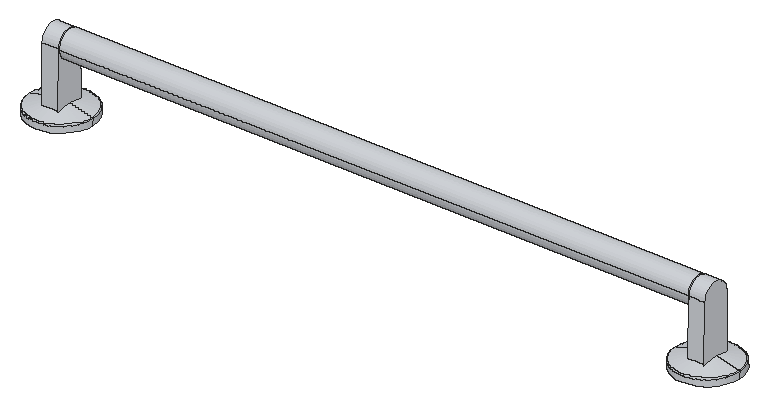
Revit family "Accessory-Towel_Bar-KOHLER-Components-K-78373", category Specialty Equipment, host Face, Revit 2015
Parameters (values of type "CP-Polished Chrome")
  Width = 2 3/8"  # constant formula
  URL = "https://www.us.kohler.com/us/"
  Type = 1
  Product Page URL = "http://www.us.kohler.com/us/catalog/productDetails.jsp?productNumber=78373"
  Product Name = "Components"  # constant formula
  Product Documentation Link = "http://www.us.kohler.com/onlinecatalog/pdf/K-78373_spec.pdf"
  Model = if(Type = 1, "K-78373-CP", if(Type = 2, "K-78373-BN", if(Type = 3, "K-78373-BL", if(Type = 4, "K-78373-TT", "NA"))))  # "K-78373-CP"
  Material = "Premium Metal Construction"  # constant formula
  MasterFormat 2004 = "10.28.13"  # constant formula
  MasterFormat 1995 = "10820"  # constant formula
  Manufacturer Address = "444 Highland Dr, Kohler, WI 53044"  # constant formula
  Manufacturer = "KOHLER Co."  # constant formula
  Length = 24"  # constant formula
  Height = 2 15/16"  # constant formula
  Finish = Kohler-Metal-CP-Polished_Chrome
  Environmental Product Declaration = ""
  Description = "24inch Towel Bar"  # constant formula
  Default Elevation = 42"
  Declare Label = ""
  Date Modified = "07/06/2018"  # constant formula
  Date Created = "07/06/2018"  # constant formula
  Copyright = "Copyright KOHLER Co."  # constant formula
  Contact Us = "https://www.us.kohler.com/us/static/contact.jsp"
  Assembly Code = "C1030200"
  ADA Compliant = 1 = 0  # no
Types (4): name | Type | Model | Finish
  (no name) | 1 | "K-78373-CP" | Kohler-Metal-CP-Polished_Chrome
  CP-Polished Chrome | 1 | "K-78373-CP" | Kohler-Metal-CP-Polished_Chrome
  BL-Matte Black | 3 | "K-78373-BL" | Kohler-Metal-BL-Matte_Black
  TT-Titanium | 4 | "K-78373-TT" | Kohler-Metal-TT-Vibrant_Titanium
Reference planes (in)
  plane 1 "Center (Front/Back)": y = 0
  plane 2: z = 0
  plane 3 "Center (Left/Right)": x = 0
  plane 4: x = -12
  plane 5: x = 12
  plane 6: y = 1.1875
  plane 7: y = -1.1875
  plane 8: z = 2.9375
Dimensions and locks (in)
  "Length": plane 4 to plane 5
  "Width": plane 6 to plane 7
  "Height": plane 8 to level
  aligned and locked: plane 2 to host face
  aligned and locked: level to host face
Automatic sketch dimensions
  host sketch curve to host sketch curve = 96"  (x2)
Nested families (in)
  nested 1: "K-78373" at (0, 0, 0), type "K-78373"
Definition of nested family "K-78373"
  Parameters (values of type "K-78373")
    Material = none
    Length = 24"
  Reference planes (in)
    plane 1 "Center (Front/Back)": y = 0
    plane 2: z = 0
    plane 3 "Center (Left/Right)": x = 0
    plane 4: x = -12
    plane 5: x = 12
    plane 6: y = 1.1875
    plane 7: z = 2.9375
    plane 8: y = -1.1875
  Forms (in)
    Revolve 1, solid, material <- "Material", detail levels medium+fine
      sketch origin (0, 0, 0) x (1, 0, 0) y (0, 0, 1)
        loop
          line (-13.1875, 0) -> (-12, 0) -> (-12, 0.54137) -> (-13.15723, 0.26168)
          arc (-13.15723, 0.26168) -> (-13.17902, 0.24769) -> (-13.1875, 0.22322) r 0.03957
          line (-13.1875, 0.22322) -> (-13.1875, 0)
        axis (-12, 0.54137) -> (-12, 0)
      angle from 0 to 360
    Revolve 2, solid, material <- "Material", detail levels medium+fine
      sketch origin (0, 0, 0) x (-1, 0, 0) y (0, 0, 1)
        loop
          line (-13.1875, 0) -> (-12, 0) -> (-12, 0.54137) -> (-13.15723, 0.26168)
          arc (-13.15723, 0.26168) -> (-13.17902, 0.24769) -> (-13.1875, 0.22322) r 0.03957
          line (-13.1875, 0.22322) -> (-13.1875, 0)
        axis (-12, 0.54137) -> (-12, 0)
      angle from 0 to 360
    Extrusion 3, solid, material <- "Material"
      sketch origin (0, 0, 0) x (0, 1, 0) y (0, 0, 1)
        loop
          arc (0.49314, 2.45313) -> (0, 2.93774) -> (-0.49314, 2.45313) r 0.49321
          line (-0.49314, 2.45313) -> (-0.53038, 0.31966) -> (0.53038, 0.31966) -> (0.49314, 2.45313)
      from 11.69094 to 12.30906
    Extrusion 4, solid, material <- "Material"
      sketch origin (0, 0, 0) x (0, 1, 0) y (0, 0, -1)
        loop
          line (0.49314, -2.45313) -> (0.53038, -0.31966) -> (-0.53038, -0.31966) -> (-0.49314, -2.45313)
          arc (-0.49314, -2.45313) -> (0, -2.93774) -> (0.49314, -2.45313) r 0.49321
      from 11.69094 to 12.30906
    Extrusion 5, solid, material <- "Material"
      sketch origin (0, 0, 0) x (0, 1, 0) y (0, 0, 1)
        loop
          circle (0, 2.44452) r 0.49321
      from -11.69094 to 11.69094
    Extrusion 6, solid, material <- "Material", detail levels coarse
      sketch origin (0, 0, 0) x (1, 0, 0) y (0, 1, 0)
        loop
          circle (-12, 0) r 1.1875
        loop
          circle (12, 0) r 1.1875
      from 0 to 0.44658
  Cuts and joins
    joined: Revolve 1, Revolve 2
    joined: Extrusion 3, Extrusion 4
  Lines and regions (in)
    Masking region 1
      outline origin (0, 0, 0) x (0, 1, 0) y (0, 0, 1)
        loop
          line (0.52873, 0.41382) -> (0.49313, 2.4538)
          arc (0.49313, 2.4538) -> (0, 2.93839) -> (-0.49313, 2.4538) r 0.4932
          line (-0.49313, 2.4538) -> (-0.52873, 0.41382) -> (-1.15899, 0.26168)
          arc (-1.15899, 0.26168) -> (-1.17952, 0.24851) -> (-1.1875, 0.22546) r 0.03726
          line (-1.1875, 0.22546) -> (-1.1875, 0) -> (1.1875, 0) -> (1.1875, 0.22546)
          arc (1.1875, 0.22546) -> (1.17952, 0.24851) -> (1.15899, 0.26168) r 0.03726
          line (1.15899, 0.26168) -> (0.52873, 0.41382)
    Masking region 2
      outline origin (0, 0, 0) x (1, 0, 0) y (0, 0, 1)
        loop
          line (-13.1875, 0) -> (-10.8125, 0) -> (-10.8125, 0.22322)
          arc (-10.8125, 0.22322) -> (-10.82098, 0.24769) -> (-10.84277, 0.26168) r 0.03957
          line (-10.84277, 0.26168) -> (-11.69094, 0.46667) -> (-11.69094, 1.95131) -> (11.69094, 1.95131) -> (11.69094, 0.46667) -> (10.84277, 0.26168)
          arc (10.84277, 0.26168) -> (10.82098, 0.24769) -> (10.8125, 0.22322) r 0.03957
          line (10.8125, 0.22322) -> (10.8125, 0) -> (13.1875, 0) -> (13.1875, 0.22322)
          arc (13.1875, 0.22322) -> (13.17902, 0.24769) -> (13.15723, 0.26168) r 0.03957
          line (13.15723, 0.26168) -> (12.30906, 0.46667) -> (12.30906, 2.9375) -> (-12.30906, 2.9375) -> (-12.30906, 0.46667) -> (-13.15723, 0.26168)
          arc (-13.15723, 0.26168) -> (-13.17902, 0.24769) -> (-13.1875, 0.22322) r 0.03957
          line (-13.1875, 0.22322) -> (-13.1875, 0)
    Masking region 3
      outline origin (0, 0, 0) x (1, 0, 0) y (0, 1, 0)
        loop
          line (-10.91977, -0.49321) -> (10.91977, -0.49321)
          arc (10.91977, -0.49321) -> (13.1875, 0.00004) -> (10.91974, 0.49314) r 1.1875
          line (10.91974, 0.49314) -> (-10.91974, 0.49314)
          arc (-10.91974, 0.49314) -> (-13.1875, 0.00004) -> (-10.91977, -0.49321) r 1.1875
    symbolic lines, detail levels medium+fine
      curve 1: arc (0, 0, 0.46667) -> (0, 0.26632, 0.44279) -> (0, 0.52909, 0.39328) r 2.76424
      curve 2: line (0, 0.52909, 0.39328) -> (0, 0.5284, 0.43278)
      curve 3: line (0, -0.52909, 0.39328) -> (0, -0.5284, 0.43278)
      curve 4: arc (0, -0.52909, 0.39328) -> (0, -0.26632, 0.44279) -> (0, 0, 0.46667) r 2.76424
      curve 5: line (-11.69094, 0, 1.95131) -> (-11.69094, 0, 2.45313)
      curve 6: line (11.69094, 0, 1.95131) -> (11.69094, 0, 2.45313)
      curve 7: line (-12.30906, 0, 0.46667) -> (-11.69094, 0, 0.46667)
      curve 8: line (11.69094, 0, 0.46667) -> (12.30906, 0, 0.46667)
      curve 9: line (-12.30906, 0.53038, 0) -> (-12.30906, -0.53038, 0)
      curve 10: line (-11.69094, -0.53038, 0) -> (-11.69094, 0.53038, 0)
      curve 11: line (12.30906, -0.53038, 0) -> (12.30906, 0.53038, 0)
      curve 12: line (11.69094, 0.53038, 0) -> (11.69094, -0.53038, 0)
      curve 13: line (12.30906, 0.53038, 0) -> (11.69094, 0.53038, 0)
      curve 14: line (11.69094, -0.53038, 0) -> (12.30906, -0.53038, 0)
      curve 15: line (-12.30906, 0.53038, 0) -> (-11.69094, 0.53038, 0)
      curve 16: line (-11.69094, -0.53038, 0) -> (-12.30906, -0.53038, 0)
      curve 17: line (-10.91974, 0.49314, 0) -> (-11.69094, 0.49314, 0)
      curve 18: line (-10.91977, -0.49321, 0) -> (-11.69094, -0.49321, 0)
      curve 19: line (10.91974, 0.49314, 0) -> (11.69094, 0.49314, 0)
      curve 20: line (10.91977, -0.49321, 0) -> (11.69094, -0.49321, 0)
      curve 21: line (-11.30906, 0, 2.9375) -> (-11.30906, 0, 1.95131)
      curve 22: line (11.30906, 0, 2.9375) -> (11.30906, 0, 1.95131)
  Dimensions and locks (in)
    equal spacing: plane 4, plane 3 "Center (Left/Right)", plane 5
    "Length": plane 4 to plane 5
    locked: Revolve 1 sketch curve to plane 4 at 1.1875
    locked: Revolve 2 sketch curve to plane 5 at 1.1875
    equal spacing: Extrusion 3, plane 5, Extrusion 3
    equal spacing: Extrusion 4, plane 4, Extrusion 4
    plane 7 to level = 2 15/16"
    equal spacing: Masking region 2 sketch curve, plane 4, Masking region 2 sketch curve
    locked: Masking region 2 sketch curve to Masking region 2 sketch curve at 2.375  (x2)
    equal spacing: Masking region 2 sketch curve, plane 5, Masking region 2 sketch curve
    locked: cut or joined group of Extrusion 3, Extrusion 4 to cut or joined group of Extrusion 3, Extrusion 4 at 0.61811  (x2)
    cut or joined group of Extrusion 3, Extrusion 4 to curve 21 = 1"
    aligned and locked: plane 2 to level
    aligned and locked: Revolve 1 sketch curve to plane 4
    aligned and locked: plane 4 to Revolve 1 sketch curve
    aligned and locked: plane 5 to Revolve 2 sketch curve
    aligned and locked: Revolve 2 sketch curve to plane 5
    aligned and locked: Extrusion 5 to Extrusion 4
    aligned and locked: Extrusion 5 to Extrusion 3
    aligned and locked: cut or joined group of Extrusion 3, Extrusion 4 to Masking region 2 sketch curve  (x4)
    aligned and locked: Masking region 2 sketch curve to cut or joined group of Extrusion 3, Extrusion 4  (x2)
    aligned and locked: Masking region 2 to curve 5
    aligned and locked: curve 6 to Masking region 2
    aligned and locked: curve 7 to Masking region 2
    aligned and locked: curve 8 to Masking region 2
    aligned and locked: Masking region 3 sketch curve to cut or joined group of Revolve 1, Revolve 2  (x2)
    aligned and locked: curve 9 to cut or joined group of Extrusion 3, Extrusion 4
    aligned and locked: curve 10 to cut or joined group of Extrusion 3, Extrusion 4
    aligned and locked: curve 11 to cut or joined group of Extrusion 3, Extrusion 4
    aligned and locked: curve 12 to cut or joined group of Extrusion 3, Extrusion 4
    aligned and locked: curve 13 to cut or joined group of Extrusion 3, Extrusion 4
    aligned and locked: curve 14 to cut or joined group of Extrusion 3, Extrusion 4
    aligned and locked: curve 15 to cut or joined group of Extrusion 3, Extrusion 4
    aligned and locked: curve 16 to cut or joined group of Extrusion 3, Extrusion 4
    aligned and locked: curve 17 to Masking region 3
    aligned and locked: curve 18 to Masking region 3
    aligned and locked: curve 19 to Masking region 3
    aligned and locked: curve 20 to Masking region 3
    aligned and locked: Extrusion 6 sketch curve to Masking region 3  (x2)
  Automatic sketch dimensions
    Extrusion 3 sketch curve to plane 1 "Center (Front/Back)" = 0"
    plane 1 "Center (Front/Back)" to Extrusion 3 sketch curve = 0.49314"
    plane 1 "Center (Front/Back)" to Extrusion 3 sketch curve = 0.53038"
    Extrusion 3 sketch curve to plane 7 = 31/64"
    Extrusion 3 sketch curve to plane 1 "Center (Front/Back)" = 0.49314"
    Extrusion 3 sketch curve to plane 1 "Center (Front/Back)" = 0.53038"
    Extrusion 3 sketch curve to plane 7 = 0.49298"
    level to Extrusion 3 sketch curve = 0.31966"
    Extrusion 4 sketch curve to plane 1 "Center (Front/Back)" = 0"
    plane 1 "Center (Front/Back)" to Extrusion 4 sketch curve = 0.49314"
    plane 1 "Center (Front/Back)" to Extrusion 4 sketch curve = 0.53038"
    Extrusion 4 sketch curve to plane 7 = 31/64"
    Extrusion 4 sketch curve to plane 1 "Center (Front/Back)" = 0.49314"
    Extrusion 4 sketch curve to plane 1 "Center (Front/Back)" = 0.53038"
    Extrusion 4 sketch curve to plane 7 = 0.49298"
    level to Extrusion 4 sketch curve = 0.31966"
    Masking region 1 sketch curve to level = 0"
    Masking region 1 sketch curve to plane 8 = 0"
    Masking region 1 sketch curve to plane 1 "Center (Front/Back)" = 0"
    Masking region 1 sketch curve to plane 6 = 0"
    Masking region 1 sketch curve to plane 8 = 0.02851"
    Masking region 1 sketch curve to Masking region 1 sketch curve = 0.00874"
    plane 1 "Center (Front/Back)" to Masking region 1 sketch curve = 0.52873"
    plane 1 "Center (Front/Back)" to Masking region 1 sketch curve = 0.49313"
    Masking region 1 sketch curve to plane 7 = 0.4837"
    Masking region 1 sketch curve to plane 1 "Center (Front/Back)" = 0.49313"
    Masking region 1 sketch curve to plane 1 "Center (Front/Back)" = 0.52873"
    Masking region 1 sketch curve to Masking region 1 sketch curve = 0.03726"
    Masking region 1 sketch curve to plane 6 = 0.02851"
    level to Masking region 1 sketch curve = 0.22546"  (x2)
    level to Masking region 1 sketch curve = 0.41382"  (x2)
    Masking region 1 sketch curve to plane 7 = 0.49231"
    curve 1 to plane 1 "Center (Front/Back)" = 0"
    plane 1 "Center (Front/Back)" to curve 1 = 0.1135"
    curve 2 to plane 1 "Center (Front/Back)" = 0.52909"
    curve 1 to level = 2.29523"
    level to curve 2 = 0.39328"
    curve 3 to curve 3 = 0.00069"
    curve 2 to curve 2 = 0.00069"
    level to curve 3 = 0.39328"
    curve 2 to curve 2 = 0.0395"
    curve 3 to curve 3 = 0.0395"
    plane 1 "Center (Front/Back)" to curve 3 = 0.5284"
    curve 4 to plane 1 "Center (Front/Back)" = 0.1135"
    curve 12 to curve 20 = 0.03716"
    plane 1 "Center (Front/Back)" to curve 18 = 0.49321"
    curve 19 to curve 12 = 0.03724"
    curve 17 to curve 10 = 0.03724"
    Revolve 1 sketch curve to level = 0"  (x2)
    level to Revolve 1 sketch curve = 0.26168"
    Revolve 1 sketch curve to Revolve 1 sketch curve = 0.03027"
    Revolve 1 sketch curve to Revolve 1 sketch curve = 0.0093"
    level to Revolve 1 sketch curve = 0.54137"
    Revolve 1 sketch curve to Revolve 1 sketch curve = 0.35774"
    Revolve 2 sketch curve to level = 0"  (x2)
    Revolve 2 sketch curve to level = 0.26168"
    Revolve 2 sketch curve to Revolve 2 sketch curve = 0.03027"
    Revolve 2 sketch curve to Revolve 2 sketch curve = 0.03957"
    Revolve 2 sketch curve to Revolve 2 sketch curve = 0.54137"
    level to Revolve 2 sketch curve = 0.35774"
    Masking region 2 sketch curve to level = 0"  (x2)
    Masking region 2 sketch curve to plane 7 = 0"
    level to Masking region 2 sketch curve = 0.26168"  (x4)
    Masking region 2 sketch curve to Masking region 2 sketch curve = 0.03027"  (x2)
    Masking region 2 sketch curve to Masking region 2 sketch curve = 0.03957"  (x3)
    Masking region 2 sketch curve to Masking region 2 sketch curve = 0.0093"  (x3)
    level to Masking region 2 sketch curve = 0.46667"  (x4)
    Masking region 2 sketch curve to plane 7 = 0.98619"
    plane 1 "Center (Front/Back)" to Masking region 3 sketch curve = 0.49321"
    Masking region 3 sketch curve to plane 1 "Center (Front/Back)" = 0.49314"
    curve 22 to plane 7 = 0"
    curve 21 to plane 7 = 0"
    curve 7 to plane 4 = 0.30906"
    plane 4 to curve 7 = 0.30906"
    curve 22 to curve 6 = 0.38189"
    curve 8 to plane 5 = 0.30906"
    plane 5 to curve 8 = 0.30906"
    curve 6 to plane 7 = 0.98619"
    curve 21 to plane 7 = 0.98619"
    curve 5 to curve 21 = 0"
    curve 22 to curve 6 = 0"
    curve 5 to plane 7 = 31/64"
    curve 6 to plane 7 = 31/64"
